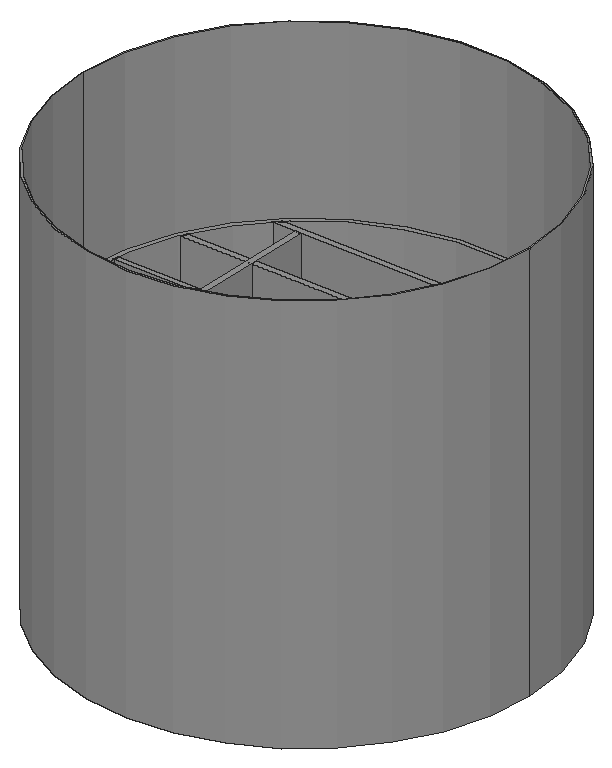
Revit family "DuctAccessories_FireDamper_Kilargo_IFDO-HIFLO", category Duct Accessories, Revit 2014
Parameters (values of type "IFDO-200HF")
  ZoneServed = ""
  WarrantyStartDate = ""
  WarrantyDurationMonths = 0
  URL = "http://www.kilargo.com.au/"
  SystemServed = ""
  StandardsCompliance = ""
  Radius = 200 mm
  QuanitySurveyorElementID = ""
  ProductCode = ""
  PrecommissioningInspectionTestPlan = ""
  OmniClassElementNumber = "23.60.70.11.11"  # constant formula
  OmniClassElementName = "Fire Dampers"  # constant formula
  ModifiedIssue_ANZRS = 20150115.74  # constant formula
  Manufacturer = "kilargo"  # constant formula
  Location = ""
  Installer = ""
  InstallationDate = ""
  InspectionPanelInstalled = yes
  FactoryWitnessTest = ""
  FactoryCertificationTest = ""
  ExpectedServiceLifeYears = 0
  SpigotLength [instance] = 360 mm
  Diameter = Radius * 2  # 400 mm
  DesignClass = ""
  DepthMin = 44 mm  # constant formula
  DepthMax = 44 mm  # constant formula
  Depth = 44 mm
  DamperMaterial = Kilargo_Galvanized_StainlessSteel
  CreatedByURL_ANZRS = "www.thinkbimmepaus.com.au"
  CreatedBy = "A2K Technologies"  # constant formula
  CommissioningTechnician = ""
  CommissioningInspectionTestReport = ""
  CommissioningDate = ""
  Certification = ""
  BladeThicknessMultiplier [instance] = 5
  Barcode = ""
  AssetIdentifier = ""
  AirFlowMin = 0.0 L/s
  AirFlowMax = 0.0 L/s
Types (3, lengths in mm): name | Radius | Diameter
  (no name) | 200 | 400
  IFDO-150HF | 150 | 300
  IFDO-200HF | 200 | 400
Reference planes
  plane 1 "Center (Front/Back)": y = 0
  plane 2: z = 0
  plane 3 "Center (Left/Right)": x = 0
  plane 4: z = 180
  plane 5: z = -180
Forms (mm)
  Revolve 1, solid, material "Kilargo_Galvanized_StainlessSteel" <- "DamperMaterial"
    sketch origin (0, 0, -197.568) x (1, 0, 0) y (0, 0, 1)
      loop
        line (200, 377.568) -> (200, 17.568) -> (201, 17.568) -> (201, 377.568) -> (200, 377.568)
      axis (0, 377.568) -> (0, 17.568)
    angle from 0 to 360
  Extrusion 2, solid, material "Kilargo_Galvanized_StainlessSteel" <- "DamperMaterial", detail levels coarse
    sketch origin (0, 0, 0) x (1, 0, 0) y (0, 1, 0)
      loop
        circle (0, 0) r 200
    from -22 to 22
Lines and regions (mm)
  model lines, detail levels coarse
    curve 1: line (-140.711, 142.128, 22) -> (140.711, -142.128, 22)
    curve 2: line (140.711, 142.128, 22) -> (-140.711, -142.128, 22)
Dimensions and locks
  "SpigotLength": plane 4 to plane 5
  equal spacing: plane 4, level, plane 5
  locked: Revolve 1 sketch curve to Revolve 1 sketch curve at 1
  "Radius": Revolve 1 sketch curve to plane 3 "Center (Left/Right)"
  equal spacing: curve 1, curve 1, curve 1
  "Diameter": curve 1 to curve 1
  curve 2 to curve 2 = 400 mm
  equal spacing: curve 2, curve 1, curve 2
  "Diameter": curve 2 to curve 2
  "Diameter": diameter of Extrusion 2 sketch curve
  aligned and locked: level to plane 2
  aligned and locked: plane 5 to Revolve 1
  aligned and locked: plane 4 to Revolve 1
  aligned and locked: Extrusion 2 to nested 1  (x2)
Automatic sketch dimensions
  Revolve 1 sketch curve to plane 3 "Center (Left/Right)" = 0 mm
  Revolve 1 sketch curve to plane 5 = 0 mm
  Revolve 1 sketch curve to plane 4 = 0 mm
  Revolve 1 sketch curve to plane 5 = 106.366 mm
  Revolve 1 sketch curve to level = 83.953 mm
  plane 1 "Center (Front/Back)" to Extrusion 2 sketch curve = 0 mm
  Extrusion 2 sketch curve to plane 3 "Center (Left/Right)" = 0 mm
  curve 2 to curve 2 = 281.421 mm
  curve 1 to curve 2 = 281.421 mm
  curve 2 to curve 1 = 281.421 mm
  curve 2 to curve 1 = 0 mm
Nested families
  nested 1: "Duct Accessories" at (0, 0, 0), Diameter <- "Diameter", Depth <- "Depth", type "IFDO-100R", detail levels medium+fine
    with Diameter 400 mm, Depth 44 mm, Bladethickness 5 mm, BladeDistance 61.538 mm, BladeArrangement 84.211 mm
Connectors
  hvac at (0, 0, 22), driven by "Diameter"
    settings: on nested 1, index 1, duct flow 0.0 L/s, flow factor 0, pres drop 0.0 Pa, loss coef 0, conn angle 0.00°, conn width 304.8 mm, conn height 304.8 mm, conn diameter 400 mm, duct sys type 4, conn prof type 0, flow config 0, flow direction 0, loss method 0, conn ref index 2, conn util no, is conn primary yes, conn desc ""
  hvac at (0, 0, -22), driven by "Diameter"
    settings: on nested 1, index 2, duct flow 0.0 L/s, flow factor 0, pres drop 0.0 Pa, loss coef 0, conn angle 0.00°, conn width 304.8 mm, conn height 304.8 mm, conn diameter 400 mm, duct sys type 4, conn prof type 0, flow config 0, flow direction 0, loss method 0, conn ref index 1, conn util no, is conn primary no, conn desc ""
Definition of nested family "Duct Accessories"
  Parameters (values of type "IFDO-100R")
    Material = Kilargo_Galvanized_StainlessSteel
    Diameter [instance] = 650 mm
    Depth [instance] = 44 mm
    Bladethickness [instance] = if(Diameter < 100 mm, 5 mm, if(Diameter < 200 mm, 2.5 mm, 5 mm))  # 5 mm
    BladeDistance [instance] = Diameter / 6.5  # 100 mm
    BladeArrangement [instance] = Diameter / 4.75  # 136.842 mm
  Reference planes
    plane 1 "Center (Front/Back)": y = 0
    plane 2: z = 0
    plane 3 "Center (Left/Right)": x = 0
    plane 4: z = 22
    plane 5: z = -22
    plane 6: x = -325
    plane 7: x = 325
    plane 8: y = 325
    plane 9: y = -325
    plane 10: y = 225
    plane 11: y = 135
    plane 12: y = 45
    plane 13: y = -45
    plane 14: y = -135
    plane 15: y = -225
    plane 16: x = -188.158
    plane 17: x = 188.158
    plane 18: x = 0
  Forms (mm)
    Revolve 1, solid, material "Kilargo_Galvanized_StainlessSteel" <- "Material"
      sketch origin (0, 0, 0) x (1, 0, 0) y (0, 0, 1)
        loop
          line (-320, 22) -> (-325, 22) -> (-325, -22) -> (-320, -22) -> (-320, 22)
        axis (0, -22) -> (0, 22)
      angle from 0 to 360
    Extrusion 2, solid, material "Kilargo_Galvanized_StainlessSteel" <- "Material"
      sketch origin (0, 0, 0) x (1, 0, 0) y (0, 1, 0)
        loop
          arc (-225.042, 227.5) -> (-227.528, 225.014) -> (-229.986, 222.5) r 320
          line (-229.986, 222.5) -> (229.986, 222.5)
          arc (229.986, 222.5) -> (227.528, 225.014) -> (225.042, 227.5) r 320
          line (225.042, 227.5) -> (-225.042, 227.5)
        loop
          arc (-288.953, 137.5) -> (-290.127, 135.005) -> (-291.28, 132.5) r 320
          line (-291.28, 132.5) -> (291.28, 132.5)
          arc (291.28, 132.5) -> (290.127, 135.005) -> (288.953, 137.5) r 320
          line (288.953, 137.5) -> (-288.953, 137.5)
        loop
          arc (-316.455, 47.5) -> (-316.82, 45.001) -> (-317.165, 42.5) r 320
          line (-317.165, 42.5) -> (317.165, 42.5)
          arc (317.165, 42.5) -> (316.82, 45.001) -> (316.455, 47.5) r 320
          line (316.455, 47.5) -> (-316.455, 47.5)
        loop
          arc (-317.165, -42.5) -> (-316.82, -45.001) -> (-316.455, -47.5) r 320
          line (-316.455, -47.5) -> (316.455, -47.5)
          arc (316.455, -47.5) -> (316.82, -45.001) -> (317.165, -42.5) r 320
          line (317.165, -42.5) -> (-317.165, -42.5)
        loop
          arc (-291.28, -132.5) -> (-290.127, -135.005) -> (-288.953, -137.5) r 320
          line (-288.953, -137.5) -> (288.953, -137.5)
          arc (288.953, -137.5) -> (290.127, -135.005) -> (291.28, -132.5) r 320
          line (291.28, -132.5) -> (-291.28, -132.5)
        loop
          arc (-229.986, -222.5) -> (-227.528, -225.014) -> (-225.042, -227.5) r 320
          line (-225.042, -227.5) -> (225.042, -227.5)
          arc (225.042, -227.5) -> (227.528, -225.014) -> (229.986, -222.5) r 320
          line (229.986, -222.5) -> (-229.986, -222.5)
      from -22 to 22
    Extrusion 3, solid, material "Kilargo_Galvanized_StainlessSteel" <- "Material"
      sketch origin (3.625, 0, 0) x (1, 0, 0) y (0, 1, 0)
        loop
          line (187.033, 222.5) -> (182.033, 222.5) -> (182.033, -222.5) -> (187.033, -222.5) -> (187.033, 222.5)
      from -22 to 22
    Extrusion 4, solid, material "Kilargo_Galvanized_StainlessSteel" <- "Material"
      sketch origin (-3.625, 0, 0) x (-1, 0, 0) y (0, -1, 0)
        loop
          line (187.033, -222.5) -> (187.033, 222.5) -> (182.033, 222.5) -> (182.033, -222.5) -> (187.033, -222.5)
      from -22 to 22
  Dimensions and locks
    equal spacing: plane 5, level, plane 4
    "Depth": plane 5 to plane 4
    equal spacing: plane 7, plane 3 "Center (Left/Right)", plane 6
    "Diameter": plane 7 to plane 6
    "Diameter": plane 8 to plane 9
    equal spacing: plane 8, plane 1 "Center (Front/Back)", plane 9
    equal spacing: plane 10, plane 11, plane 12, plane 13, plane 14, plane 15
    equal spacing: Extrusion 2, plane 11, Extrusion 2
    "Bladethickness": Extrusion 2 to Extrusion 2  (x6)
    "BladeDistance": plane 8 to plane 10
    "BladeDistance": plane 15 to plane 9
    equal spacing: Extrusion 2, plane 10, Extrusion 2
    equal spacing: Extrusion 2, plane 12, Extrusion 2
    equal spacing: Extrusion 2, plane 13, Extrusion 2
    equal spacing: Extrusion 2, plane 14, Extrusion 2
    equal spacing: Extrusion 2, plane 15, Extrusion 2
    equal spacing: Extrusion 3, plane 17, Extrusion 3
    "Bladethickness": Extrusion 3 to Extrusion 3
    equal spacing: Extrusion 4, plane 16, Extrusion 4
    "Bladethickness": Extrusion 4 to Extrusion 4
    "BladeArrangement": plane 17 to plane 7
    "BladeArrangement": plane 6 to plane 16
    radius of Extrusion 2 sketch curve = 320 mm
    aligned and locked: level to plane 2
    aligned and locked: Revolve 1 to plane 4
    aligned and locked: Revolve 1 to plane 5
    aligned and locked: plane 6 to Revolve 1 sketch curve
    aligned and locked: plane 4 to Revolve 1 sketch curve
    aligned and locked: Revolve 1 sketch curve to plane 5
    aligned and locked: Extrusion 2 to Revolve 1  (x2)
    aligned and locked: Extrusion 2 to Extrusion 3 sketch curve
    aligned and locked: Extrusion 3 sketch curve to Extrusion 2
    aligned and locked: Extrusion 3 to Revolve 1
    aligned and locked: Revolve 1 to Extrusion 3
    aligned and locked: Extrusion 2 sketch curve to Revolve 1  (x12)
    aligned and locked: Extrusion 4 to Extrusion 2  (x2)
    aligned and locked: Extrusion 3 to Extrusion 2
  Automatic sketch dimensions
    Revolve 1 sketch curve to plane 3 "Center (Left/Right)" = 0 mm
    plane 6 to Revolve 1 sketch curve = 5 mm
    plane 5 to Revolve 1 sketch curve = 338.835 mm
    Revolve 1 sketch curve to plane 4 = 1576.845 mm
    Extrusion 2 sketch curve to plane 15 = 2.5 mm
    plane 10 to Extrusion 2 sketch curve = 2.5 mm
    plane 15 to Extrusion 2 sketch curve = 2.5 mm
    Extrusion 2 sketch curve to plane 10 = 2.5 mm
    plane 11 to Extrusion 2 sketch curve = 2.5 mm
    Extrusion 2 sketch curve to plane 14 = 2.5 mm
    plane 14 to Extrusion 2 sketch curve = 2.5 mm
    Extrusion 2 sketch curve to plane 11 = 2.5 mm
    plane 12 to Extrusion 2 sketch curve = 2.5 mm
    Extrusion 2 sketch curve to plane 13 = 2.5 mm
    Extrusion 2 sketch curve to plane 12 = 2.5 mm
    plane 13 to Extrusion 2 sketch curve = 2.5 mm
    Extrusion 3 sketch curve to plane 17 = 2.5 mm
    plane 17 to Extrusion 3 sketch curve = 2.5 mm
    Extrusion 4 sketch curve to plane 16 = 2.5 mm
    plane 16 to Extrusion 4 sketch curve = 2.5 mm
    Extrusion 4 sketch curve to plane 15 = 2.5 mm
    plane 10 to Extrusion 4 sketch curve = 2.5 mm
